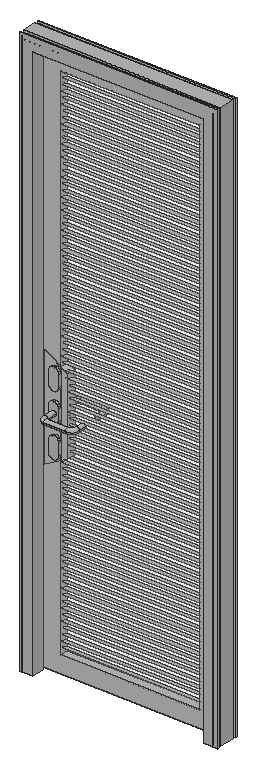
Revit family "Doors_Swing_Avanti_Systems_Acoustic-Dbl-Glazed", category Doors, Revit 2015 (continued)
Definition of nested family "Blinds"
  Dimensions and locks (in)
    equal spacing: group 1, group 2, group 3, group 4, group 5, group 6, group 7, group 8, group 9, group 10, group 11, group 12, group 13, group 14, group 15, group 16, group 17, group 18, group 19, group 20, group 21, group 22, group 23, group 24, group 25, group 26, group 27, group 28, group 29, group 30, group 31, group 32, group 33, group 34, group 35, group 36, group 37, group 38, group 39, group 40, group 41, group 42, group 43, group 44, group 45, group 46, group 47, group 48, group 49, group 50, group 51, group 52, group 53, group 54, group 55, group 56, group 57, group 58, group 59, group 60, group 61, group 62, group 63, group 64, group 65, group 66, group 67, group 68, group 69, group 70, group 71, group 72, group 73, group 74, group 75, group 76, group 77, group 78, group 79, group 80, group 81, group 82, group 83, group 84, group 85, group 86, group 87, group 88  (x2)
    equal spacing: group 88, group 87, group 86, group 85, group 84, group 83, group 82, group 81, group 80, group 79, group 78, group 77, group 76, group 75, group 74, group 73, group 72, group 71, group 70, group 69, group 68, group 67, group 66, group 65, group 64, group 63, group 62, group 61, group 60, group 59, group 58, group 57, group 56, group 55, group 54, group 53, group 52, group 51, group 50, group 49, group 48, group 47, group 46, group 45, group 44, group 43, group 42, group 41, group 40, group 39, group 38, group 37, group 36, group 35, group 34, group 33, group 32, group 31, group 30, group 29, group 28, group 27, group 26, group 25, group 24, group 23, group 22, group 21, group 20, group 19, group 18, group 17, group 16, group 15, group 14, group 13, group 12, group 11, group 10, group 9, group 8, group 7, group 6, group 5, group 4, group 3, group 2, group 1
    "Width": Sweep 3 sketch curve to Sweep 3 sketch curve
    "Width": Sweep 4 sketch curve to Sweep 4 sketch curve
    "Width": Sweep 5 sketch curve to Sweep 5 sketch curve
    "Width": Sweep 6 sketch curve to Sweep 6 sketch curve
    "Width": Sweep 7 sketch curve to Sweep 7 sketch curve
    "Width": Sweep 8 sketch curve to Sweep 8 sketch curve
    "Width": Sweep 9 sketch curve to Sweep 9 sketch curve
    "Width": Sweep 10 sketch curve to Sweep 10 sketch curve
    "Width": Sweep 11 sketch curve to Sweep 11 sketch curve
    "Width": Sweep 12 sketch curve to Sweep 12 sketch curve
    "Width": Sweep 13 sketch curve to Sweep 13 sketch curve
    "Width": Sweep 14 sketch curve to Sweep 14 sketch curve
    "Width": Sweep 15 sketch curve to Sweep 15 sketch curve
    "Width": Sweep 16 sketch curve to Sweep 16 sketch curve
    "Width": Sweep 17 sketch curve to Sweep 17 sketch curve
    "Width": Sweep 18 sketch curve to Sweep 18 sketch curve
    "Width": Sweep 19 sketch curve to Sweep 19 sketch curve
    "Width": Sweep 20 sketch curve to Sweep 20 sketch curve
    "Width": Sweep 21 sketch curve to Sweep 21 sketch curve
    "Width": Sweep 22 sketch curve to Sweep 22 sketch curve
    "Width": Sweep 23 sketch curve to Sweep 23 sketch curve
    "Width": Sweep 24 sketch curve to Sweep 24 sketch curve
    "Width": Sweep 25 sketch curve to Sweep 25 sketch curve
    "Width": Sweep 26 sketch curve to Sweep 26 sketch curve
    "Width": Sweep 27 sketch curve to Sweep 27 sketch curve
    "Width": Sweep 28 sketch curve to Sweep 28 sketch curve
    "Width": Sweep 29 sketch curve to Sweep 29 sketch curve
    "Width": Sweep 30 sketch curve to Sweep 30 sketch curve
    "Width": Sweep 31 sketch curve to Sweep 31 sketch curve
    "Width": Sweep 32 sketch curve to Sweep 32 sketch curve
    "Width": Sweep 33 sketch curve to Sweep 33 sketch curve
    "Width": Sweep 34 sketch curve to Sweep 34 sketch curve
    "Width": Sweep 35 sketch curve to Sweep 35 sketch curve
    "Width": Sweep 36 sketch curve to Sweep 36 sketch curve
    "Width": Sweep 37 sketch curve to Sweep 37 sketch curve
    "Width": Sweep 38 sketch curve to Sweep 38 sketch curve
    "Width": Sweep 39 sketch curve to Sweep 39 sketch curve
    "Width": Sweep 40 sketch curve to Sweep 40 sketch curve
    "Width": Sweep 41 sketch curve to Sweep 41 sketch curve
    "Width": Sweep 42 sketch curve to Sweep 42 sketch curve
    "Width": Sweep 43 sketch curve to Sweep 43 sketch curve
    "Width": Sweep 44 sketch curve to Sweep 44 sketch curve
    "Width": Sweep 45 sketch curve to Sweep 45 sketch curve
    "Width": Sweep 46 sketch curve to Sweep 46 sketch curve
    "Width": Sweep 47 sketch curve to Sweep 47 sketch curve
    "Width": Sweep 48 sketch curve to Sweep 48 sketch curve
    "Width": Sweep 49 sketch curve to Sweep 49 sketch curve
    "Width": Sweep 50 sketch curve to Sweep 50 sketch curve
    "Width": Sweep 51 sketch curve to Sweep 51 sketch curve
    "Width": Sweep 52 sketch curve to Sweep 52 sketch curve
    "Width": Sweep 53 sketch curve to Sweep 53 sketch curve
    "Width": Sweep 54 sketch curve to Sweep 54 sketch curve
    "Width": Sweep 55 sketch curve to Sweep 55 sketch curve
    "Width": Sweep 56 sketch curve to Sweep 56 sketch curve
    "Width": Sweep 57 sketch curve to Sweep 57 sketch curve
    "Width": Sweep 58 sketch curve to Sweep 58 sketch curve
    "Width": Sweep 59 sketch curve to Sweep 59 sketch curve
    "Width": Sweep 60 sketch curve to Sweep 60 sketch curve
    "Width": Sweep 61 sketch curve to Sweep 61 sketch curve
    "Width": Sweep 62 sketch curve to Sweep 62 sketch curve
    "Width": Sweep 63 sketch curve to Sweep 63 sketch curve
    "Width": Sweep 64 sketch curve to Sweep 64 sketch curve
    "Width": Sweep 65 sketch curve to Sweep 65 sketch curve
    "Width": Sweep 66 sketch curve to Sweep 66 sketch curve
    "Width": Sweep 67 sketch curve to Sweep 67 sketch curve
    "Width": Sweep 68 sketch curve to Sweep 68 sketch curve
    "Width": Sweep 69 sketch curve to Sweep 69 sketch curve
    "Width": Sweep 70 sketch curve to Sweep 70 sketch curve
    "Width": Sweep 71 sketch curve to Sweep 71 sketch curve
    "Width": Sweep 72 sketch curve to Sweep 72 sketch curve
    "Width": Sweep 73 sketch curve to Sweep 73 sketch curve
    "Width": Sweep 74 sketch curve to Sweep 74 sketch curve
    "Width": Sweep 75 sketch curve to Sweep 75 sketch curve
    "Width": Sweep 76 sketch curve to Sweep 76 sketch curve
    "Width": Sweep 77 sketch curve to Sweep 77 sketch curve
    "Width": Sweep 78 sketch curve to Sweep 78 sketch curve
    "Width": Sweep 79 sketch curve to Sweep 79 sketch curve
    "Width": Sweep 80 sketch curve to Sweep 80 sketch curve
    "Width": Sweep 81 sketch curve to Sweep 81 sketch curve
    "Width": Sweep 82 sketch curve to Sweep 82 sketch curve
    "Width": Sweep 83 sketch curve to Sweep 83 sketch curve
    "Width": Sweep 84 sketch curve to Sweep 84 sketch curve
    "Width": Sweep 85 sketch curve to Sweep 85 sketch curve
    "Width": Sweep 86 sketch curve to Sweep 86 sketch curve
    "Width": Sweep 87 sketch curve to Sweep 87 sketch curve
    "Width": Sweep 88 sketch curve to Sweep 88 sketch curve
    "Height": plane 4 to plane 5
    equal spacing: plane 4, plane 1 "Center (Front/Back)", plane 5
    aligned and locked: level to plane 2
    aligned and locked: Sweep 1 to plane 4
    aligned and locked: plane 5 to Sweep 88
Definition of nested family "Hinge"
  Parameters (values of type "Family4")
    Material = none
    Default Elevation = 4' - 0"
  Reference planes (in)
    plane 1 "Center (Front/Back)": y = 0
    plane 2: z = 0
    plane 3 "Center (Left/Right)": x = 0
  Forms (in)
    Extrusion 1, solid, material <- "Material"
      sketch origin (0, 0, 0) x (1, 0, 0) y (0, 0, 1)
        loop
          circle (0, 0.25) r 0.25
      from 0 to 4.5
  Lines and regions (in)
    reference lines
      curve 1: line (-0.25, 0, 0) -> (-0.25, -4.5, 0)
      curve 2: line (-0.25, -2.25, 0) -> (0.25, -2.25, 0)
      curve 3: line (0.25, -4.5, 0) -> (0.25, 0, 0)
  Dimensions and locks (in)
    aligned and locked: level to plane 2
Definition of nested family "Handle"
  Parameters (values of type "Lever Handle")
    Width = 2' - 4.58379"
    Type = 1
    Thickness = 0' - 1 3/4"
    Ladder = if(Type = 3, 1 = 1, 1 = 0)  # no
    Panic hardware = if(Type = 4, 1 = 1, 1 = 0)  # no
    Material = none
    Locker [instance] = yes
    Height = 7' - 7.651"
    Glass door = if(Type = 2, 1 = 1, 1 = 0)  # no
    Framed door = if(Type = 1, 1 = 1, 1 = 0)  # yes
    Default Elevation = 4' - 0"
  Reference planes (in)
    plane 1 "Center (Front/Back)": y = 0
    plane 2: z = 0
    plane 3 "Center (Left/Right)": x = 0
    plane 4 "door_up": z = -1.375
    plane 5 "door_down": z = -3.125
    plane 6: z = -4.5
    plane 7: x = -1.25
    plane 8: x = -17.61529
    plane 9: x = -20.33379
    plane 10: x = -17.61529
    plane 11: y = 53.026
    plane 12: y = 0.625
    plane 13: y = 11.125
    plane 14: y = 53.651
    plane 15: y = -38
    plane 16: x = -24.45879
    plane 17 "door": x = 4.125
    plane 18: x = 1.625
    plane 19: y = -20
    plane 20: z = -1.5625
    plane 21: z = -2.9375
  Forms (in)
    Sweep 1, solid, material <- "Material", visible <- "Panic hardware"
      path origin (0, 0, 0) x (1, 0, 0) y (0, 1, 0)
        loop
          line (-1.25, 53.026) -> (-1.25, 4.25)
          arc (-1.25, 4.25) -> (-2.12868, 2.12868) -> (-4.25, 1.25) r 3
          line (-4.25, 1.25) -> (-17.61529, 1.25)
      profile origin (-1.25, 28.638, 0) x (1, 0, 0) y (0, 0, 1)
        loop
          circle (0.625, 0.625) r 0.625
    Sweep 2, solid, material <- "Material", visible <- "Panic hardware"
      path origin (0, 0, 0) x (1, 0, 0) y (0, 0, 1)
        loop
          line (-17.61529, 0) -> (-18.36529, 0)
          arc (-18.36529, 0) -> (-18.87334, -0.21044) -> (-19.08379, -0.7185) r 0.7185
          line (-19.08379, -0.7185) -> (-19.08379, -1.375)
      profile origin (-17.99029, 0, 0) x (0, 0, -1) y (0, -1, 0)
        loop
          circle (-0.625, -0.625) r 0.625
    Sweep 3, solid, material <- "Material", visible <- "Panic hardware"
      path origin (0, 0, -6.75) x (1, 0, 0) y (0, 0, -1)
        loop
          line (-17.61529, -2.25) -> (-18.36529, -2.25)
          arc (-18.36529, -2.25) -> (-18.87334, -2.46044) -> (-19.08379, -2.9685) r 0.7185
          line (-19.08379, -2.9685) -> (-19.08379, -3.625)
      profile origin (-17.99029, 0, -4.5) x (0, 0, -1) y (0, -1, 0)
        loop
          circle (0.625, -0.625) r 0.625
    Sweep 4, solid, material <- "Material", visible <- "Panic hardware"
      path origin (-30, 0, -6.75) x (-1, 0, 0) y (0, 0, -1)
        loop
          line (-12.38471, -2.25) -> (-28.0315, -2.25)
          arc (-28.0315, -2.25) -> (-28.53956, -2.46044) -> (-28.75, -2.9685) r 0.7185
          line (-28.75, -2.9685) -> (-28.75, -3.625)
      profile origin (-9.79189, 0, -4.5) x (0, 0, 1) y (0, -1, 0)
        loop
          circle (-0.625, -0.625) r 0.625
    Extrusion 5, solid, material <- "Material", visible <- "Framed door", not visible
      sketch origin (0, 0, 0) x (1, 0, 0) y (0, 1, 0)
        loop
          line (1.92578, 8.41673) -> (-1.87348, 6.31076) -> (-1.87348, 0.00893) -> (-1.87348, -6.31076) -> (1.92578, -8.41673) -> (1.92578, 0.00435) -> (1.92578, 8.41673)
      from -1.375 to -1.20804
    Extrusion 6, solid, material <- "Material", visible <- "Framed door"
      sketch origin (0, 0, -4.5) x (0, -1, 0) y (1, 0, 0)
        loop
          line (-8.41673, 1.92578) -> (-6.31076, -1.87348) -> (-0.00893, -1.87348) -> (6.31076, -1.87348) -> (8.41673, 1.92578) -> (-0.00435, 1.92578) -> (-8.41673, 1.92578)
      from 1.5625 to 2.9375
    Extrusion 7, solid, material <- "Material", visible <- "Framed door", not visible
      sketch origin (0, 0, -4.5) x (0, -1, 0) y (1, 0, 0)
        loop
          line (-8.41673, 1.92578) -> (-6.31076, -1.87348) -> (-0.00893, -1.87348) -> (6.31076, -1.87348) -> (8.41673, 1.92578) -> (-0.00435, 1.92578) -> (-8.41673, 1.92578)
      from 1.5625 to 2.9375
  Cuts and joins
    joined: Sweep 1, Sweep 2
    joined: Sweep 3, Sweep 4
  Dimensions and locks (in)
    "Thickness": plane 5 "door_down" to plane 4 "door_up"
    locked: plane 3 "Center (Left/Right)" to plane 7 at 1.25
    locked: plane 9 to plane 8 at 2.7185
    locked: plane 9 to Sweep 3 sketch curve at 1.25
    locked: Sweep 2 sketch curve to plane 9 at 1.25
    locked: plane 10 to plane 9 at 2.7185
    locked: Sweep 1 sketch curve to plane 1 "Center (Front/Back)" at 1.25
    locked: plane 3 "Center (Left/Right)" to nested 1 at 0.125
    locked: plane 4 "door_up" to plane 2 at 1.375
    locked: plane 6 to plane 5 "door_down" at 1.375
    locked: plane 12 to plane 1 "Center (Front/Back)" at 0.625
    locked: plane 13 to plane 12 at 10.5
    locked: plane 14 to plane 11 at 0.625
    "Height": plane 14 to plane 15
    locked: plane 1 "Center (Front/Back)" to plane 15 at 38
    locked: plane 3 "Center (Left/Right)" to plane 17 "door" at 4.125
    "Width": plane 16 to plane 17 "door"
    locked: plane 16 to plane 10 at 6.8435
    locked: plane 18 to plane 17 "door" at 2.5
    Extrusion 6 to Extrusion 6 = 0' - 1 3/8"
    locked: plane 4 "door_up" to plane 20 at 0.1875
    locked: plane 21 to plane 5 "door_down" at 0.1875
    aligned and locked: level to plane 2
    aligned and locked: cut or joined group of Sweep 1, Sweep 2 to plane 4 "door_up"
    aligned and locked: plane 4 "door_up" to Sweep 2 sketch curve
    aligned and locked: plane 5 "door_down" to Sweep 3 sketch curve
    aligned and locked: plane 6 to Sweep 3 sketch curve
    aligned and locked: plane 7 to Sweep 4 sketch curve
    aligned and locked: Sweep 4 sketch curve to plane 6
    aligned and locked: plane 8 to Sweep 4 sketch curve
    aligned and locked: plane 8 to Sweep 3 sketch curve
    aligned and locked: plane 10 to Sweep 2 sketch curve
    aligned and locked: plane 10 to Sweep 1 sketch curve
    aligned and locked: plane 11 to Sweep 1 sketch curve
    aligned and locked: plane 5 "door_down" to Sweep 4 sketch curve
    aligned and locked: nested 1 to plane 4 "door_up"
    aligned and locked: plane 13 to nested 1
    aligned and locked: nested 2 to plane 11
    aligned and locked: plane 1 "Center (Front/Back)" to nested 3
    aligned and locked: nested 4 to plane 1 "Center (Front/Back)"
    aligned and locked: nested 4 to plane 3 "Center (Left/Right)"
    aligned and locked: plane 3 "Center (Left/Right)" to nested 3
    aligned and locked: plane 20 to Extrusion 6
    aligned and locked: Extrusion 6 to plane 21
  Nested families (in)
    nested 1: "Family2" at (-1.125, 11.125, 0.22234), visible <- "Panic hardware", type "Family2"
    nested 2: "Family3" at (-0.26102, 53.026, -1.63602), visible <- "Panic hardware", type "Family3"
      with Thickness 0' - 1 3/4"
    nested 3: "Handle Timber" at (0, 0, -3.125), Locker <- "Locker", visible <- "Framed door", type "Handle Timber"
      with Locker yes
    nested 4: "Handle Timber" at (0, 0, -1.375) x (1, 0, 0) z (0, 0, -1), Locker <- "Locker", visible <- "Framed door", type "Handle Timber"
      with Locker yes
    nested 5: "Handle Timber" at (0, 0, -1.375) x (1, 0, 0) z (0, 0.0003, -1), Locker <- "Locker", visible <- "Framed door", type "Handle Timber", not visible
      with Locker yes
    nested 6: "Handle Timber" at (0, 0, -1.375) x (1, 0, 0) z (0, 0, -1), Locker <- "Locker", visible <- "Framed door", type "Handle Timber", not visible
      with Locker yes
    nested 7: "Handle Timber" at (0, 0, -3.125), Locker <- "Locker", visible <- "Framed door", type "Handle Timber", not visible
      with Locker yes
  Definition of nested family "Family2"
    Parameters (values of type "Family2")
      Thickness = 0' - 0 1/2"
      Material = none
      Lock = yes
    Reference planes (in)
      plane 1 "Center (Front/Back)": y = 0
      plane 2: z = 0
      plane 3 "Center (Left/Right)": x = 0
      plane 4: z = -2.09734
      plane 5: z = -1.59734
    Forms (in)
      Extrusion 1, solid, material <- "Material"
        sketch origin (0, 0, 0) x (0, 1, 0) y (0, 0, 1)
          loop
            line (5.04078, -0.345) -> (5.04078, 0) -> (-2.39922, 0) -> (-2.39922, -0.345) -> (5.04078, -0.345)
        from 0 to 1
      Extrusion 2, solid, material <- "Material"
        sketch origin (0, 0, 0) x (0, 1, 0) y (0, 0, 1)
          loop
            line (-0.3074, -0.345) -> (-1.4374, -0.345) -> (-1.4374, -1.31734) -> (-0.3074, -1.31734) -> (-0.3074, -0.345)
        from 0.32565 to 0.66353
      Extrusion 3, solid, material <- "Material"
        sketch origin (0, 0, 0) x (0, 1, 0) y (0, 0, 1)
          loop
            line (-1.4374, -1.31734) -> (-1.4374, -1.59734) -> (1.43807, -1.59734) -> (1.43807, -1.31734) -> (-1.4374, -1.31734)
        from 0 to 1
      Extrusion 4, solid, material <- "Material"
        sketch origin (0, 0, 0) x (0, 1, 0) y (0, 0, 1)
          loop
            arc (-3.2641, -0.65221) -> (-3.242, -0.64306) -> (-3.23285, -0.62096) r 0.03125
            line (-3.23285, -0.62096) -> (-3.23285, 0) -> (-3.4516, 0) -> (-3.4516, -0.62096)
            arc (-3.4516, -0.62096) -> (-3.44244, -0.64306) -> (-3.42035, -0.65221) r 0.03125
            line (-3.42035, -0.65221) -> (-3.2641, -0.65221)
        from 0.32565 to 0.66353
      Extrusion 5, solid, material <- "Material", visible <- "Lock", not visible
        sketch origin (1, 0, 0) x (0, 1, 0) y (0, 0, 1)
          loop
            circle (0.20853, -3.12734) r 0.58
          loop
            circle (0.20853, -3.12734) r 0.5625
          loop
            circle (-0.07272, -3.12734) r 0.22671
        from 0 to 0.25
      Extrusion 6, solid, material <- "Material", visible <- "Lock", not visible
        sketch origin (1, 0, 0) x (0, 1, 0) y (0, 0, 1)
          loop
            circle (0.20853, -3.12734) r 0.5625
        from 0 to 0.20472
    Lines and regions (in)
      model lines, not visible
        curve 1: line (0, -0.35397, -3.12734) -> (0, 0.39603, -3.12734)
    Dimensions and locks (in)
      "Thickness": plane 4 to plane 5
      locked: plane 5 to plane 2 at 1.59734
      aligned and locked: level to plane 2
      aligned and locked: plane 5 to Extrusion 3 sketch curve
      aligned and locked: Extrusion 3 sketch curve to Extrusion 2
  Definition of nested family "Family3"
    Parameters (values of type "Family3")
      Thickness = 0' - 0 1/2"
      Material = none
    Reference planes (in)
      plane 1 "Center (Front/Back)": y = 0
      plane 2: z = 0
      plane 3 "Center (Left/Right)": x = 0
      plane 4: z = 0.26102
      plane 5: z = -0.23898
    Forms (in)
      Revolve 1, solid, material <- "Material"
        sketch origin (-0.36398, 0.615, 0.26102) x (0, 0, -1) y (0, 1, 0)
          loop
            line (-0.28125, -0.615) -> (-1.5092, -0.615) -> (-1.5092, -0.995) -> (-0.28125, -0.995) -> (-0.28125, -0.615)
          axis (-1.5092, -0.995) -> (-0.28125, -0.995)
        angle from 0 to 360
    Dimensions and locks (in)
      "Thickness": plane 4 to plane 5
      aligned and locked: level to plane 2
  Definition of nested family "Handle Timber"
    Parameters (values of type "Handle Timber")
      Locker [instance] = yes
      Handle material = none
      Default Elevation = 4' - 0"
    Reference planes (in)
      plane 1 "Center (Front/Back)": y = 0
      plane 2: z = 0
      plane 3 "Center (Left/Right)": x = 0
    Forms (in)
      Extrusion 1, solid, material <- "Handle material"
        sketch origin (0, 0.00944, 0.00975) x (-1, 0, 0) y (0, -1, 0.00026)
          loop
            line (0.82036, -6.01526) -> (0.82036, -4.11121)
            arc (0.82036, -4.11121) -> (0, -3.29085) -> (-0.82036, -4.11121) r 0.82036
            line (-0.82036, -4.11121) -> (-0.82036, -6.01526)
            arc (-0.82036, -6.01526) -> (0, -6.83563) -> (0.82036, -6.01526) r 0.82036
          loop
            line (0.82036, -0.95129) -> (0.82036, 0.95276)
            arc (0.82036, 0.95276) -> (0, 1.77313) -> (-0.82036, 0.95276) r 0.82036
            line (-0.82036, 0.95276) -> (-0.82036, -0.95129)
            arc (-0.82036, -0.95129) -> (0, -1.77165) -> (0.82036, -0.95129) r 0.82036
        from -0.36 to -0.00798
      Sweep 2, solid, material <- "Handle material"
        path origin (0, 0.00944, 0.00975) x (-1, 0, 0) y (0, 0.00026, 1)
          loop
            line (0.00372, -0.36) -> (0.00372, -2.13165)
            arc (0.00372, -2.13165) -> (0.19244, -2.58727) -> (0.64805, -2.77599) r 0.64433
            line (0.64805, -2.77599) -> (4.19136, -2.77599)
            arc (4.19136, -2.77599) -> (4.78191, -2.53137) -> (5.02652, -1.94082) r 0.83517
            line (5.02652, -1.94082) -> (5.02652, -0.63757)
        profile origin (-0.00372, 0.00911, -1.23607) x (-1, 0, 0) y (0, 1, -0.00026)
          loop
            circle (0, 0) r 0.3937
      Extrusion 3, solid, material <- "Handle material", visible <- "Locker"
        sketch origin (0, 0.00944, 0.00975) x (-1, 0, 0) y (0, -1, 0.00026)
          loop
            line (0.82009, 4.11958) -> (0.82408, 6.02363)
            arc (0.82408, 6.02363) -> (0.00543, 6.84571) -> (-0.81665, 6.02706) r 0.82036
            line (-0.81665, 6.02706) -> (-0.82063, 4.12301)
            arc (-0.82063, 4.12301) -> (-0.00199, 3.30093) -> (0.82009, 4.11958) r 0.82036
        from -0.36 to -0.01061
    Lines and regions (in)
      reference lines
        curve 1: line (0, 6.84506, 0) -> (0, -6.83627, 0)
        curve 2: line (-5.42022, 0.00893, 0) -> (0.82036, 0.00893, 0)
    Dimensions and locks (in)
      aligned and locked: level to plane 2
Definition of nested family "Door Frame"
  Reference planes (in)
    plane 1 "Center (Front/Back)": y = 0
    plane 2: z = 0
    plane 3 "Center (Left/Right)": x = 0
  Lines and regions (in)
    model lines, in view "Ref. Level"
      curve 1: arc (-1.01203, 1.32996, 0) -> (-0.98705, 1.35416, 0) -> (-0.96263, 1.3294, 0) r 0.0247
      curve 2: arc (-1.18846, 1.27919, 0) -> (-1.16836, 1.29671, 0) -> (-1.14299, 1.28848, 0) r 0.02706
      curve 3: arc (-0.96263, -0.65973, 0) -> (-0.98705, -0.68449, 0) -> (-1.01203, -0.66029, 0) r 0.0247
      curve 4: arc (-1.144, -0.61721, 0) -> (-1.16937, -0.62544, 0) -> (-1.18947, -0.60792, 0) r 0.02706
      curve 5: arc (-0.42858, 2.14208, 0) -> (-0.41466, 2.13631, 0) -> (-0.40889, 2.12239, 0) r 0.01969
      curve 6: arc (-0.43102, -0.777, 0) -> (-0.4171, -0.78276, 0) -> (-0.41133, -0.79668, 0) r 0.01969
      curve 7: arc (0.4368, 2.31214, 0) -> (0.45072, 2.30638, 0) -> (0.45649, 2.29246, 0) r 0.01969
      curve 8: arc (-1.21399, -1.62487, 0) -> (-1.22791, -1.6191, 0) -> (-1.23368, -1.60518, 0) r 0.01969
      curve 9: arc (0.97015, -1.61502, 0) -> (0.96727, -1.62198, 0) -> (0.96031, -1.62487, 0) r 0.00984
      curve 10: arc (-0.3229, -1.56581, 0) -> (-0.32987, -1.56293, 0) -> (-0.33275, -1.55596, 0) r 0.00984
      curve 11: arc (0.23004, -1.55597, 0) -> (0.22716, -1.56293, 0) -> (0.2202, -1.56581, 0) r 0.00984
      curve 12: arc (0.32847, -1.56581, 0) -> (0.31455, -1.56004, 0) -> (0.30878, -1.54613, 0) r 0.01969
      curve 13: arc (0.90716, -1.54613, 0) -> (0.90139, -1.56004, 0) -> (0.88748, -1.56581, 0) r 0.01969
      curve 14: arc (-0.41133, -1.43995, 0) -> (-0.4171, -1.45387, 0) -> (-0.43102, -1.45964, 0) r 0.01969
      curve 15: arc (-0.40889, 1.47014, 0) -> (-0.41466, 1.45622, 0) -> (-0.42858, 1.45045, 0) r 0.01969
      curve 16: arc (-0.91238, 1.45045, 0) -> (-0.92437, 1.45452, 0) -> (-0.9314, 1.46504, 0) r 0.01969
      curve 17: arc (-0.42933, 1.38746, 0) -> (-0.41541, 1.38169, 0) -> (-0.40964, 1.36777, 0) r 0.01969
      curve 18: arc (-0.93028, -0.79159, 0) -> (-0.92325, -0.78106, 0) -> (-0.91126, -0.777, 0) r 0.01969
      curve 19: arc (0.35806, 2.06619, 0) -> (0.3523, 2.05227, 0) -> (0.33838, 2.04651, 0) r 0.01969
      curve 20: arc (0.35806, 1.16442, 0) -> (0.3523, 1.1505, 0) -> (0.33838, 1.14473, 0) r 0.01969
      curve 21: arc (0.24979, 1.37032, 0) -> (0.23587, 1.37608, 0) -> (0.23011, 1.39, 0) r 0.01969
      curve 22: arc (0.33838, 1.37032, 0) -> (0.3523, 1.36455, 0) -> (0.35806, 1.35063, 0) r 0.01969
      curve 23: arc (0.65519, 0.43309, 0) -> (0.66096, 0.44701, 0) -> (0.67488, 0.45278, 0) r 0.01969
      curve 24: arc (0.7359, 0.45278, 0) -> (0.74843, 0.44759, 0) -> (0.75362, 0.43506, 0) r 0.01772
      curve 25: arc (0.75362, 0.43112, 0) -> (0.74843, 0.4186, 0) -> (0.7359, 0.41341, 0) r 0.01772
      curve 26: arc (0.47617, 0.35238, 0) -> (0.46225, 0.35815, 0) -> (0.45649, 0.37207, 0) r 0.01969
      curve 27: arc (0.65519, 0.37207, 0) -> (0.64943, 0.35815, 0) -> (0.63551, 0.35238, 0) r 0.01969
      curve 28: arc (0.88944, 0.41341, 0) -> (0.87692, 0.4186, 0) -> (0.87173, 0.43112, 0) r 0.01772
      curve 29: arc (0.87173, 0.43506, 0) -> (0.87692, 0.44759, 0) -> (0.88944, 0.45278, 0) r 0.01772
      curve 30: arc (0.95047, 0.45278, 0) -> (0.96439, 0.44701, 0) -> (0.97015, 0.43309, 0) r 0.01969
      curve 31: arc (0.88748, 0.28939, 0) -> (0.90139, 0.28363, 0) -> (0.90716, 0.26971, 0) r 0.01969
      curve 32: arc (0.37775, 1.51492, 0) -> (0.35806, 1.49524, 0) -> (0.33838, 1.51492, 0) r 0.01969
      curve 33: arc (0.33838, 1.94799, 0) -> (0.35806, 1.96768, 0) -> (0.37775, 1.94799, 0) r 0.01969
      curve 34: arc (0.37775, 0.61103, 0) -> (0.35806, 0.59134, 0) -> (0.33838, 0.61103, 0) r 0.01969
      curve 35: arc (0.33838, 1.0441, 0) -> (0.35806, 1.06379, 0) -> (0.37775, 1.0441, 0) r 0.01969
      curve 36: arc (0.23011, 2.02682, 0) -> (0.23587, 2.04074, 0) -> (0.24979, 2.04651, 0) r 0.01969
      curve 37: arc (0.35806, 2.06619, 0) -> (0.3523, 2.05227, 0) -> (0.33838, 2.04651, 0) r 0.01969
      curve 38: arc (-1.2143, 1.33416, 0) -> (-1.22822, 1.33992, 0) -> (-1.23398, 1.35384, 0) r 0.01969
      curve 39: arc (-1.01805, 1.33416, 0) -> (-0.99098, 1.36129, 0) -> (-0.96392, 1.33416, 0) r 0.02706
      curve 40: arc (-0.85767, 1.38167, 0) -> (-0.85128, 1.38596, 0) -> (-0.84373, 1.38746, 0) r 0.01969
      curve 41: arc (-1.23177, -0.6806, 0) -> (-1.226, -0.66668, 0) -> (-1.21208, -0.66091, 0) r 0.01969
      curve 42: arc (-0.96392, -0.66091, 0) -> (-0.99098, -0.68804, 0) -> (-1.01805, -0.66091, 0) r 0.02706
      curve 43: arc (-0.84394, -0.714, 0) -> (-0.85149, -0.7125, 0) -> (-0.85788, -0.70822, 0) r 0.01969
      curve 44: arc (0.30878, 0.26971, 0) -> (0.31455, 0.28363, 0) -> (0.32847, 0.28939, 0) r 0.01969
      curve 45: arc (-1.05302, 2.13905, 0) -> (-1.04384, 2.15096, 0) -> (-1.02893, 2.1529, 0) r 0.01969
      curve 46: arc (-1.03962, 2.11304, 0) -> (-1.05159, 2.12224, 0) -> (-1.05352, 2.13721, 0) r 0.01969
      curve 47: arc (-0.94962, 2.1093, 0) -> (-0.95879, 2.09735, 0) -> (-0.97373, 2.09538, 0) r 0.01969
      curve 48: arc (-1.18098, 2.19365, 0) -> (-1.16902, 2.18447, 0) -> (-1.16706, 2.16954, 0) r 0.01969
      curve 49: arc (-1.20189, 2.19925, 0) -> (-1.20667, 2.20292, 0) -> (-1.20746, 2.20889, 0) r 0.00787
      curve 50: arc (-1.16755, 2.16769, 0) -> (-1.17672, 2.15574, 0) -> (-1.19166, 2.15378, 0) r 0.01969
      curve 51: arc (-0.99215, 2.20623, 0) -> (-0.98737, 2.20256, 0) -> (-0.98658, 2.19658, 0) r 0.00787
      curve 52: arc (-1.19574, 2.25263, 0) -> (-1.19207, 2.25741, 0) -> (-1.1861, 2.2582, 0) r 0.00787
      curve 53: arc (-0.9983, 2.15285, 0) -> (-1.00197, 2.14807, 0) -> (-1.00795, 2.14728, 0) r 0.00787
      curve 54: arc (-1.03074, 1.49329, 0) -> (-1.04565, 1.49524, 0) -> (-1.05483, 1.50714, 0) r 0.01969
      curve 55: arc (-1.00976, 1.49891, 0) -> (-1.00379, 1.49812, 0) -> (-1.00012, 1.49334, 0) r 0.00787
      curve 56: arc (-1.05533, 1.50898, 0) -> (-1.0534, 1.52396, 0) -> (-1.04143, 1.53316, 0) r 0.01969
      curve 57: arc (-0.97481, 1.55101, 0) -> (-0.95987, 1.54904, 0) -> (-0.9507, 1.53709, 0) r 0.01969
      curve 58: arc (-1.16887, 1.47666, 0) -> (-1.17084, 1.46172, 0) -> (-1.18279, 1.45255, 0) r 0.01969
      curve 59: arc (-1.19347, 1.49242, 0) -> (-1.17854, 1.49045, 0) -> (-1.16937, 1.4785, 0) r 0.01969
      curve 60: arc (-1.23398, 1.46646, 0) -> (-1.22992, 1.47844, 0) -> (-1.21939, 1.48547, 0) r 0.01969
      curve 61: arc (-1.20927, 1.4373, 0) -> (-1.20849, 1.44327, 0) -> (-1.20371, 1.44694, 0) r 0.00787
      curve 62: arc (-1.18791, 1.388, 0) -> (-1.19389, 1.38879, 0) -> (-1.19756, 1.39357, 0) r 0.00787
      curve 63: arc (-0.9884, 1.44961, 0) -> (-0.98919, 1.44363, 0) -> (-0.99397, 1.43997, 0) r 0.00787
      curve 64: arc (-0.97481, 1.55101, 0) -> (-0.95987, 1.54904, 0) -> (-0.9507, 1.53709, 0) r 0.01969
      curve 65: arc (-1.23368, -1.49287, 0) -> (-1.22961, -1.48089, 0) -> (-1.21909, -1.47386, 0) r 0.01969
      curve 66: arc (-1.05377, -0.8339, 0) -> (-1.04459, -0.822, 0) -> (-1.02968, -0.82005, 0) r 0.01969
      curve 67: arc (-0.99906, -0.8201, 0) -> (-1.00272, -0.82488, 0) -> (-1.0087, -0.82567, 0) r 0.00787
      curve 68: arc (-1.1683, -0.80526, 0) -> (-1.17748, -0.81721, 0) -> (-1.19241, -0.81918, 0) r 0.01969
      curve 69: arc (-1.02968, -1.46584, 0) -> (-1.04459, -1.46389, 0) -> (-1.05377, -1.45198, 0) r 0.01969
      curve 70: arc (-1.0087, -1.46022, 0) -> (-1.00272, -1.461, 0) -> (-0.99906, -1.46578, 0) r 0.00787
      curve 71: arc (-1.05427, -1.45014, 0) -> (-1.05234, -1.43517, 0) -> (-1.04037, -1.42597, 0) r 0.01969
      curve 72: arc (-1.16781, -1.48247, 0) -> (-1.16978, -1.49741, 0) -> (-1.18173, -1.50658, 0) r 0.01969
      curve 73: arc (-1.19241, -1.46671, 0) -> (-1.17748, -1.46868, 0) -> (-1.1683, -1.48063, 0) r 0.01969
      curve 74: arc (-1.20821, -1.52183, 0) -> (-1.20743, -1.51585, 0) -> (-1.20265, -1.51218, 0) r 0.00787
      curve 75: arc (-0.98734, -1.50952, 0) -> (-0.98812, -1.51549, 0) -> (-0.99291, -1.51916, 0) r 0.00787
      curve 76: arc (-1.04037, -0.85992, 0) -> (-1.05234, -0.85072, 0) -> (-1.05427, -0.83574, 0) r 0.01969
      curve 77: arc (-0.94964, -0.86385, 0) -> (-0.95881, -0.8758, 0) -> (-0.97375, -0.87777, 0) r 0.01969
      curve 78: arc (-1.18173, -0.77931, 0) -> (-1.16978, -0.78848, 0) -> (-1.16781, -0.80341, 0) r 0.01969
      curve 79: arc (-1.20265, -0.7737, 0) -> (-1.20743, -0.77003, 0) -> (-1.20821, -0.76406, 0) r 0.00787
      curve 80: arc (-1.21718, -0.81254, 0) -> (-1.2277, -0.80551, 0) -> (-1.23177, -0.79353, 0) r 0.01969
      curve 81: arc (-1.19649, -0.72032, 0) -> (-1.19283, -0.71554, 0) -> (-1.18685, -0.71476, 0) r 0.00787
      curve 82: arc (-0.99291, -0.76672, 0) -> (-0.98812, -0.77039, 0) -> (-0.98734, -0.77637, 0) r 0.00787
      curve 83: arc (-0.94964, -0.86385, 0) -> (-0.95881, -0.8758, 0) -> (-0.97375, -0.87777, 0) r 0.01969
      curve 84: arc (-0.97448, -1.40831, 0) -> (-0.9622, -1.409, 0) -> (-0.95272, -1.41685, 0) r 0.01969
      curve 85: arc (-1.18685, -1.57113, 0) -> (-1.19283, -1.57034, 0) -> (-1.19649, -1.56556, 0) r 0.00787
      curve 86: arc (-0.33048, 2.24325, 0) -> (-0.3276, 2.25021, 0) -> (-0.32064, 2.25309, 0) r 0.00984
      curve 87: arc (-0.4296, 1.15584, 0) -> (-0.41568, 1.15008, 0) -> (-0.40992, 1.13616, 0) r 0.01969
      curve 88: arc (-0.41076, -0.45625, 0) -> (-0.41653, -0.47016, 0) -> (-0.43044, -0.47592, 0) r 0.01969
      curve 89: arc (-0.41131, -0.69432, 0) -> (-0.41707, -0.70824, 0) -> (-0.43099, -0.714, 0) r 0.01969
      curve 90: arc (-0.55562, 1.2104, 0) -> (-0.54985, 1.22432, 0) -> (-0.53593, 1.23009, 0) r 0.01969
      curve 91: arc (-0.53593, -0.55466, 0) -> (-0.54985, -0.54889, 0) -> (-0.55562, -0.53497, 0) r 0.01969
      curve 92: arc (-0.48869, -0.47592, 0) -> (-0.50261, -0.47015, 0) -> (-0.50837, -0.45623, 0) r 0.01969
      curve 93: arc (-0.50837, 1.13616, 0) -> (-0.50261, 1.15008, 0) -> (-0.48869, 1.15584, 0) r 0.01969
      curve 94: arc (-0.40964, 1.24977, 0) -> (-0.41541, 1.23585, 0) -> (-0.42933, 1.23009, 0) r 0.01969
      curve 95: arc (-0.43099, -0.55466, 0) -> (-0.41707, -0.56043, 0) -> (-0.41131, -0.57434, 0) r 0.01969
      curve 96: arc (0.23004, 1.12505, 0) -> (0.23581, 1.13897, 0) -> (0.24973, 1.14473, 0) r 0.01969
      curve 97: arc (0.09876, 1.81365, 0) -> (0.23096, 1.77823, 0) -> (0.09883, 1.74254, 0) r 0.07087
      curve 98: arc (0.04765, 1.84323, 0) -> (0.12163, 1.90225, 0) -> (0.21603, 1.89542, 0) r 0.12992
      curve 99: arc (0.23011, 1.9043, 0) -> (0.22552, 1.89598, 0) -> (0.21603, 1.89542, 0) r 0.00984
      curve 100: arc (0.21603, 1.66089, 0) -> (0.12176, 1.65402, 0) -> (0.04778, 1.71286, 0) r 0.12992
      curve 101: arc (0.21603, 1.66089, 0) -> (0.22552, 1.66033, 0) -> (0.23011, 1.65201, 0) r 0.00984
      curve 102: arc (0.10004, -1.05831, 0) -> (0.23224, -1.09374, 0) -> (0.10011, -1.12942, 0) r 0.07087
      curve 103: arc (0.11793, -1.21625, 0) -> (0.07842, -1.1938, 0) -> (0.04905, -1.1591, 0) r 0.12992
      curve 104: arc (0.04893, -1.02873, 0) -> (0.12225, -0.96991, 0) -> (0.21606, -0.97595, 0) r 0.12992
      curve 105: arc (0.23004, -0.96702, 0) -> (0.22549, -0.97532, 0) -> (0.21606, -0.97595, 0) r 0.00984
      curve 106: arc (0.21606, -1.21166, 0) -> (0.12237, -1.21774, 0) -> (0.04905, -1.1591, 0) r 0.12992
      curve 107: arc (0.21606, -1.21166, 0) -> (0.22549, -1.21229, 0) -> (0.23004, -1.22059, 0) r 0.00984
      curve 108: line (-1.18846, 1.27919, 0) -> (-1.18846, 0.34175, 0)
      curve 109: line (-1.18846, 0.34175, 0) -> (-1.18846, -0.61039, 0)
      curve 110: line (-1.14299, 1.28848, 0) -> (-0.96307, 1.3218, 0)
      curve 111: line (-0.96307, 1.3218, 0) -> (-0.96263, 1.3294, 0)
      curve 112: line (-0.96263, 1.3294, 0) -> (-0.90504, 1.33416, 0)
      curve 113: line (-0.90504, 1.33416, 0) -> (-0.85767, 1.38167, 0)
      curve 114: line (-1.2143, 1.33416, 0) -> (-1.01203, 1.32996, 0)
      curve 115: line (-1.01203, 1.32996, 0) -> (-1.18846, 1.3177, 0)
      curve 116: line (-1.18846, 1.3177, 0) -> (-1.18846, 1.33043, 0)
      curve 117: line (-1.18846, 1.33043, 0) -> (-1.22784, 1.33043, 0)
      curve 118: line (-1.22784, 1.33043, 0) -> (-1.22784, 0.34175, 0)
      curve 119: line (-1.22784, 0.34175, 0) -> (-1.22784, -0.66077, 0)
      curve 120: line (-1.22784, -0.66077, 0) -> (-1.18846, -0.66077, 0)
      curve 121: line (-1.18846, -0.66077, 0) -> (-1.18846, -0.64803, 0)
      curve 122: line (-1.18846, -0.64803, 0) -> (-1.01203, -0.66029, 0)
      curve 123: line (-1.01203, -0.66029, 0) -> (-1.21215, -0.66091, 0)
      curve 124: line (-1.21208, -0.66091, 0) -> (-1.01805, -0.66091, 0)
      curve 125: line (-1.14299, -0.61881, 0) -> (-0.96307, -0.65213, 0)
      curve 126: line (-0.96307, -0.65213, 0) -> (-0.96263, -0.65973, 0)
      curve 127: line (-0.96263, -0.65973, 0) -> (-0.90504, -0.66091, 0)
      curve 128: line (-0.90504, -0.66091, 0) -> (-0.85788, -0.70822, 0)
      curve 129: line (-0.40889, 2.12239, 0) -> (-0.40889, 1.47014, 0)
      curve 130: line (-0.41133, -1.43995, 0) -> (-0.41133, -0.79668, 0)
      curve 131: line (-1.2143, 2.31214, 0) -> (0.4368, 2.31214, 0)
      curve 132: line (-0.94962, 2.1093, 0) -> (-0.94084, 2.14208, 0)
      curve 133: line (-0.94084, 2.14208, 0) -> (-0.79988, 2.14208, 0)
      curve 134: line (-0.79988, 2.14208, 0) -> (-0.79988, 2.18617, 0)
      curve 135: line (-0.79988, 2.18617, 0) -> (-0.92011, 2.18617, 0)
      curve 136: line (-0.92011, 2.18617, 0) -> (-0.92011, 2.25309, 0)
      curve 137: line (-0.92011, 2.25309, 0) -> (-0.41814, 2.25309, 0)
      curve 138: line (-0.41814, 2.25309, 0) -> (-0.41814, 2.18617, 0)
      curve 139: line (-0.32064, 2.25309, 0) -> (0.35806, 2.25309, 0)
      curve 140: line (0.35806, 2.25309, 0) -> (0.35806, 2.06619, 0)
      curve 141: line (-1.21399, -1.62487, 0) -> (0.96031, -1.62487, 0)
      curve 142: line (-0.95272, -1.41685, 0) -> (-0.94129, -1.45951, 0)
      curve 143: line (-0.94129, -1.45951, 0) -> (-0.80104, -1.45951, 0)
      curve 144: line (-0.80104, -1.45951, 0) -> (-0.80104, -1.49888, 0)
      curve 145: line (-0.80104, -1.49888, 0) -> (-0.92197, -1.49888, 0)
      curve 146: line (-0.92197, -1.49888, 0) -> (-0.92197, -1.56581, 0)
      curve 147: line (-0.92197, -1.56581, 0) -> (-0.42, -1.56581, 0)
      curve 148: line (-0.42, -1.56581, 0) -> (-0.42, -1.49901, 0)
      curve 149: line (-0.42, -1.49901, 0) -> (-0.54974, -1.49901, 0)
      curve 150: line (-0.54974, -1.49901, 0) -> (-0.54974, -1.45964, 0)
      curve 151: line (-0.3229, -1.56581, 0) -> (0.2202, -1.56581, 0)
      curve 152: line (0.32847, -1.56581, 0) -> (0.88748, -1.56581, 0)
      curve 153: line (-0.41814, 2.18617, 0) -> (-0.54408, 2.18617, 0)
      curve 154: line (-0.54408, 2.18617, 0) -> (-0.54408, 2.14208, 0)
      curve 155: line (-0.54408, 2.14208, 0) -> (-0.42858, 2.14208, 0)
      curve 156: line (-0.43102, -1.45964, 0) -> (-0.54974, -1.45964, 0)
      curve 157: line (-0.91238, 1.45045, 0) -> (-0.42858, 1.45045, 0)
      curve 158: line (-0.84373, 1.38746, 0) -> (-0.42933, 1.38746, 0)
      curve 159: line (-0.91126, -0.777, 0) -> (-0.43102, -0.777, 0)
      curve 160: line (-0.84394, -0.714, 0) -> (-0.43099, -0.714, 0)
      curve 161: line (0.35806, 1.35063, 0) -> (0.35806, 1.16442, 0)
      curve 162: line (0.23011, 2.02682, 0) -> (0.23011, 1.9043, 0)
      curve 163: line (0.37775, 0.61103, 0) -> (0.45649, 0.61103, 0)
      curve 164: line (0.45649, 0.61103, 0) -> (0.45649, 0.37207, 0)
      curve 165: line (0.65519, 0.37207, 0) -> (0.65519, 0.43309, 0)
      curve 166: line (0.67488, 0.45278, 0) -> (0.7359, 0.45278, 0)
      curve 167: line (0.47617, 0.35238, 0) -> (0.63551, 0.35238, 0)
      curve 168: line (0.7359, 0.41341, 0) -> (0.7044, 0.41341, 0)
      curve 169: line (0.7044, 0.41341, 0) -> (0.7044, 0.35238, 0)
      curve 170: line (0.7044, 0.35238, 0) -> (0.92094, 0.35238, 0)
      curve 171: line (0.92094, 0.35238, 0) -> (0.92094, 0.41341, 0)
      curve 172: line (0.92094, 0.41341, 0) -> (0.88944, 0.41341, 0)
      curve 173: line (0.88944, 0.45278, 0) -> (0.95047, 0.45278, 0)
      curve 174: line (0.97015, 0.43309, 0) -> (0.97015, -1.61502, 0)
      curve 175: line (0.90716, 0.26971, 0) -> (0.90716, -1.54613, 0)
      curve 176: line (0.33838, 1.37032, 0) -> (0.24979, 1.37032, 0)
      curve 177: line (0.88748, 0.28939, 0) -> (0.32847, 0.28939, 0)
      curve 178: line (0.33838, 1.51492, 0) -> (0.33838, 1.94799, 0)
      curve 179: line (0.33838, 1.94799, 0) -> (0.33838, 1.51492, 0)
      curve 180: line (0.45649, 1.0441, 0) -> (0.45649, 1.51492, 0)
      curve 181: line (0.45649, 1.51492, 0) -> (0.37775, 1.51492, 0)
      curve 182: line (0.37775, 1.94799, 0) -> (0.45649, 1.94799, 0)
      curve 183: line (0.45649, 1.94799, 0) -> (0.37775, 1.94799, 0)
      curve 184: line (0.33838, 0.61103, 0) -> (0.33838, 1.0441, 0)
      curve 185: line (0.33838, 1.0441, 0) -> (0.33838, 0.61103, 0)
      curve 186: line (0.37775, 1.0441, 0) -> (0.45649, 1.0441, 0)
      curve 187: line (0.45649, 1.0441, 0) -> (0.37775, 1.0441, 0)
      curve 188: line (0.33838, 2.04651, 0) -> (0.24979, 2.04651, 0)
      curve 189: line (0.45649, 1.94799, 0) -> (0.45649, 2.29246, 0)
      curve 190: line (0.30878, 0.26971, 0) -> (0.30878, -1.54613, 0)
      curve 191: line (0.23004, -1.22059, 0) -> (0.23004, -1.55597, 0)
      curve 192: line (-1.00795, 2.14728, 0) -> (-1.02893, 2.1529, 0)
      curve 193: line (-0.97373, 2.09538, 0) -> (-1.03962, 2.11304, 0)
      curve 194: line (-1.18098, 2.19365, 0) -> (-1.20189, 2.19925, 0)
      curve 195: line (-1.19166, 2.15378, 0) -> (-1.21939, 2.16121, 0)
      curve 196: line (-1.20746, 2.20889, 0) -> (-1.19574, 2.25263, 0)
      curve 197: line (-1.1861, 2.2582, 0) -> (-0.99215, 2.20623, 0)
      curve 198: line (-0.98658, 2.19658, 0) -> (-0.9983, 2.15285, 0)
      curve 199: line (-1.00976, 1.49891, 0) -> (-1.03074, 1.49329, 0)
      curve 200: line (-0.97481, 1.55101, 0) -> (-1.04143, 1.53316, 0)
      curve 201: line (-1.18279, 1.45255, 0) -> (-1.20371, 1.44694, 0)
      curve 202: line (-1.19347, 1.49242, 0) -> (-1.21939, 1.48547, 0)
      curve 203: line (-1.20927, 1.4373, 0) -> (-1.19756, 1.39357, 0)
      curve 204: line (-1.18791, 1.388, 0) -> (-0.99397, 1.43997, 0)
      curve 205: line (-0.9884, 1.44961, 0) -> (-1.00012, 1.49334, 0)
      curve 206: line (-0.9314, 1.46504, 0) -> (-0.9507, 1.53709, 0)
      curve 207: line (-1.23368, -1.49287, 0) -> (-1.23368, -1.60518, 0)
      curve 208: line (-1.0087, -0.82567, 0) -> (-1.02968, -0.82005, 0)
      curve 209: line (-1.19241, -0.81918, 0) -> (-1.21718, -0.81254, 0)
      curve 210: line (-1.0087, -1.46022, 0) -> (-1.02968, -1.46584, 0)
      curve 211: line (-0.97448, -1.40831, 0) -> (-1.04037, -1.42597, 0)
      curve 212: line (-1.18173, -1.50658, 0) -> (-1.20265, -1.51218, 0)
      curve 213: line (-1.19241, -1.46671, 0) -> (-1.21909, -1.47386, 0)
      curve 214: line (-1.20821, -1.52183, 0) -> (-1.19649, -1.56556, 0)
      curve 215: line (-0.98734, -1.50952, 0) -> (-0.99906, -1.46578, 0)
      curve 216: line (-0.97375, -0.87777, 0) -> (-1.04037, -0.85992, 0)
      curve 217: line (-1.18173, -0.77931, 0) -> (-1.20265, -0.7737, 0)
      curve 218: line (-1.20821, -0.76406, 0) -> (-1.19649, -0.72032, 0)
      curve 219: line (-1.18685, -0.71476, 0) -> (-0.99291, -0.76672, 0)
      curve 220: line (-0.98734, -0.77637, 0) -> (-0.99906, -0.8201, 0)
      curve 221: line (-0.93028, -0.79159, 0) -> (-0.94964, -0.86385, 0)
      curve 222: line (-1.23177, -0.6806, 0) -> (-1.23177, -0.79353, 0)
      curve 223: line (-0.99291, -1.51916, 0) -> (-1.18685, -1.57113, 0)
      curve 224: line (-0.33048, 2.24325, 0) -> (-0.33048, -1.55596, 0)
      curve 225: line (-0.40992, 1.13616, 0) -> (-0.40992, -0.45625, 0)
      curve 226: line (-0.55562, 1.2104, 0) -> (-0.55562, 1.01379, 0)
      curve 227: line (-0.55562, 1.01379, 0) -> (-0.50837, 1.01379, 0)
      curve 228: line (-0.50837, 1.01379, 0) -> (-0.50837, 1.13616, 0)
      curve 229: line (-0.55562, -0.53497, 0) -> (-0.55562, -0.35207, 0)
      curve 230: line (-0.55562, -0.35207, 0) -> (-0.55562, -0.39718, 0)
      curve 231: line (-0.43044, -0.47592, 0) -> (-0.48869, -0.47592, 0)
      curve 232: line (-0.43099, -0.55466, 0) -> (-0.53593, -0.55466, 0)
      curve 233: line (-0.4296, 1.15584, 0) -> (-0.48869, 1.15584, 0)
      curve 234: line (-0.55562, -0.35207, 0) -> (-0.50837, -0.35207, 0)
      curve 235: line (-0.50837, -0.35207, 0) -> (-0.50837, -0.45623, 0)
      curve 236: line (-0.53593, 1.23009, 0) -> (-0.42933, 1.23009, 0)
      curve 237: line (-0.40964, 1.36777, 0) -> (-0.40964, 1.24977, 0)
      curve 238: line (-0.41131, -0.69432, 0) -> (-0.41131, -0.57434, 0)
      curve 239: line (0.33838, 1.14473, 0) -> (0.24973, 1.14473, 0)
      curve 240: line (0.09876, 1.81365, 0) -> (0.04765, 1.84323, 0)
      curve 241: line (0.09883, 1.74254, 0) -> (0.04778, 1.71286, 0)
      curve 242: line (0.10004, -1.05831, 0) -> (0.04893, -1.02873, 0)
      curve 243: line (0.10011, -1.12942, 0) -> (0.04905, -1.1591, 0)
      curve 244: line (0.23004, 1.12505, 0) -> (0.23004, -0.96702, 0)
      curve 245: line (0.23011, 1.39, 0) -> (0.23011, 1.65201, 0)
      curve 246: line (-1.23398, 1.35384, 0) -> (-1.23398, 1.46646, 0)
      curve 247: line (-1.23398, 2.18022, 0) -> (-1.23398, 2.29246, 0)
      curve 248: arc (-1.21939, 2.16121, 0) -> (-1.22992, 2.16824, 0) -> (-1.23398, 2.18022, 0) r 0.01969
      curve 249: arc (-1.23398, 2.29246, 0) -> (-1.22822, 2.30638, 0) -> (-1.2143, 2.31214, 0) r 0.01969
      curve 250: line (0.84585, 0.28939, 0) -> (0.81145, -1.56581, 0)
      curve 251: line (0.82787, 0.28939, 0) -> (0.77545, -1.56581, 0)
      curve 252: line (0.74274, 0.28939, 0) -> (0.71968, -1.56581, 0)
      curve 253: line (0.69445, 0.28939, 0) -> (0.66976, -1.56581, 0)
      curve 254: line (0.60063, 0.28939, 0) -> (0.63342, -1.56581, 0)
      curve 255: line (0.58179, 0.28939, 0) -> (0.54739, -1.56581, 0)
      curve 256: line (0.56381, 0.28939, 0) -> (0.51138, -1.56581, 0)
      curve 257: line (0.47868, 0.28939, 0) -> (0.45561, -1.56581, 0)
      curve 258: line (0.43038, 0.28939, 0) -> (0.4057, -1.56581, 0)
      curve 259: line (0.33657, 0.28939, 0) -> (0.36935, -1.56581, 0)
      curve 260: arc (1.47298, 1.55685, 0) -> (1.49242, 1.43749, 0) -> (1.47171, 1.31834, 0) r 0.36431
      curve 261: line (1.07997, 1.33821, 0) -> (1.47749, 1.33821, 0)
      curve 262: line (1.07997, 1.31834, 0) -> (1.47171, 1.31834, 0)
      curve 263: line (1.07997, 1.53697, 0) -> (1.47749, 1.53697, 0)
      curve 264: line (1.07997, 1.55685, 0) -> (1.47298, 1.55685, 0)
      curve 265: line (1.07997, 1.58711, 0) -> (1.47749, 1.58711, 0)
      curve 266: line (1.47749, 1.58711, 0) -> (1.47749, 1.26909, 0)
      curve 267: line (1.47749, 1.26909, 0) -> (1.07997, 1.26909, 0)
      curve 268: arc (3.58829, 0.92081, 0) -> (3.565, 0.86459, 0) -> (3.50878, 0.84131, 0) r 0.0795
      curve 269: arc (3.50878, 2.03388, 0) -> (3.565, 2.01059, 0) -> (3.58829, 1.95437, 0) r 0.0795
      curve 270: arc (1.99386, 1.97425, 0) -> (2.03603, 1.95679, 0) -> (2.05349, 1.91462, 0) r 0.05963
      curve 271: arc (2.05349, 0.96057, 0) -> (2.03603, 0.9184, 0) -> (1.99386, 0.90094, 0) r 0.05963
      curve 272: arc (1.99386, 0.84131, 0) -> (2.07819, 0.87624, 0) -> (2.11312, 0.96057, 0) r 0.11926
      curve 273: arc (2.11312, 1.91462, 0) -> (2.07819, 1.99895, 0) -> (1.99386, 2.03388, 0) r 0.11926
      curve 274: line (3.58829, 1.95437, 0) -> (3.58829, 0.92081, 0)
      curve 275: line (1.07997, 1.70992, 0) -> (2.05349, 1.70992, 0)
      curve 276: line (1.07997, 1.15338, 0) -> (2.05349, 1.15338, 0)
      curve 277: line (1.02034, 1.31834, 0) -> (0.81343, 1.31834, 0)
      curve 278: line (0.81343, 1.31834, 0) -> (0.81343, 1.43759, 0)
      curve 279: line (0.67626, 1.55685, 0) -> (0.64884, 1.55685, 0)
      curve 280: line (0.64884, 1.55685, 0) -> (0.52958, 1.67611, 0)
      curve 281: line (0.52958, 1.67611, 0) -> (0.52958, 1.19908, 0)
      curve 282: line (0.52958, 1.19908, 0) -> (0.64884, 1.31834, 0)
      curve 283: line (0.64884, 1.31834, 0) -> (0.67626, 1.31834, 0)
      curve 284: line (0.64884, 1.33821, 0) -> (0.67626, 1.33821, 0)
      curve 285: line (0.81343, 1.33821, 0) -> (1.02034, 1.33821, 0)
      curve 286: line (0.64884, 1.53697, 0) -> (0.67626, 1.53697, 0)
      curve 287: line (0.81343, 1.53697, 0) -> (1.02034, 1.53697, 0)
      curve 288: line (0.81343, 1.55685, 0) -> (1.02034, 1.55685, 0)
      curve 289: line (0.64884, 1.31834, 0) -> (0.64884, 1.55685, 0)
      curve 290: line (3.50878, 2.03388, 0) -> (1.99386, 2.03388, 0)
      curve 291: line (1.99386, 2.03388, 0) -> (0.64114, 2.03388, 0)
      curve 292: line (0.64114, 2.03388, 0) -> (0.64114, 1.97425, 0)
      curve 293: line (0.64114, 1.97425, 0) -> (1.99386, 1.97425, 0)
      curve 294: line (2.05349, 1.91462, 0) -> (2.05349, 0.96057, 0)
      curve 295: line (1.99386, 0.90094, 0) -> (0.64114, 0.90094, 0)
      curve 296: line (0.64114, 0.90094, 0) -> (0.64114, 0.84131, 0)
      curve 297: line (0.64114, 0.84131, 0) -> (1.99386, 0.84131, 0)
      curve 298: line (1.99386, 0.84131, 0) -> (3.50878, 0.84131, 0)
      curve 299: line (2.11312, 0.96057, 0) -> (2.11312, 1.91462, 0)
      curve 300: arc (0.96071, 1.97425, 0) -> (1.04504, 1.93932, 0) -> (1.07997, 1.85499, 0) r 0.11926
      curve 301: arc (1.07997, 1.02019, 0) -> (1.04504, 0.93587, 0) -> (0.96071, 0.90094, 0) r 0.11926
      curve 302: arc (0.96071, 0.96057, 0) -> (1.00287, 0.97803, 0) -> (1.02034, 1.02019, 0) r 0.05963
      curve 303: arc (1.02034, 1.85499, 0) -> (1.00287, 1.89716, 0) -> (0.96071, 1.91462, 0) r 0.05963
      curve 304: arc (0.82908, 1.75561, 0) -> (0.82413, 1.75693, 0) -> (0.82049, 1.76055, 0) r 0.00994
      curve 305: arc (0.72916, 1.90482, 0) -> (0.73407, 1.90352, 0) -> (0.7377, 1.89995, 0) r 0.00994
      curve 306: arc (0.73767, 0.9753, 0) -> (0.73403, 0.97169, 0) -> (0.72908, 0.97037, 0) r 0.00994
      curve 307: arc (0.82049, 1.11464, 0) -> (0.82413, 1.11825, 0) -> (0.82908, 1.11957, 0) r 0.00994
      curve 308: arc (0.82337, 1.23883, 0) -> (0.81634, 1.24174, 0) -> (0.81343, 1.24877, 0) r 0.00994
      curve 309: arc (0.81343, 1.62642, 0) -> (0.81634, 1.63344, 0) -> (0.82337, 1.63636, 0) r 0.00994
      curve 310: line (1.07997, 1.85499, 0) -> (1.07997, 1.02019, 0)
      curve 311: line (0.96071, 0.90094, 0) -> (0.64114, 0.90094, 0)
      curve 312: line (0.64114, 0.90094, 0) -> (0.64114, 0.96057, 0)
      curve 313: line (0.64114, 0.96057, 0) -> (0.96071, 0.96057, 0)
      curve 314: line (1.02034, 1.02019, 0) -> (1.02034, 1.85499, 0)
      curve 315: line (0.96071, 1.91462, 0) -> (0.64114, 1.91462, 0)
      curve 316: line (0.64114, 1.91462, 0) -> (0.64114, 1.97425, 0)
      curve 317: line (0.64114, 1.97425, 0) -> (0.96071, 1.97425, 0)
      curve 318: line (0.82337, 1.63636, 0) -> (1.02034, 1.63636, 0)
      curve 319: line (1.02034, 1.63636, 0) -> (1.02034, 1.75561, 0)
      curve 320: line (1.02034, 1.75561, 0) -> (0.82908, 1.75561, 0)
      curve 321: line (0.82049, 1.76055, 0) -> (0.7377, 1.89995, 0)
      curve 322: line (0.72916, 1.90482, 0) -> (0.64114, 1.90482, 0)
      curve 323: line (0.64114, 1.90482, 0) -> (0.64114, 2.31214, 0)
      curve 324: line (0.64114, 2.31214, 0) -> (0.52187, 2.31214, 0)
      curve 325: line (0.52187, 2.31214, 0) -> (0.61649, 2.31214, 0)
      curve 326: line (0.61649, 2.31214, 0) -> (0.52187, 2.31214, 0)
      curve 327: line (0.52187, 2.31214, 0) -> (0.52187, 1.68204, 0)
      curve 328: line (0.52187, 1.68204, 0) -> (0.67626, 1.55685, 0)
      curve 329: line (0.67626, 1.55685, 0) -> (0.67626, 1.31834, 0)
      curve 330: line (0.67626, 1.31834, 0) -> (0.52187, 1.19315, 0)
      curve 331: line (0.52187, 1.19315, 0) -> (0.52187, 0.56304, 0)
      curve 332: line (0.52187, 0.56304, 0) -> (0.64114, 0.56304, 0)
      curve 333: line (0.64114, 0.56304, 0) -> (0.64114, 0.97037, 0)
      curve 334: line (0.64114, 0.97037, 0) -> (0.72908, 0.97037, 0)
      curve 335: line (0.73767, 0.9753, 0) -> (0.82049, 1.11464, 0)
      curve 336: line (0.82908, 1.11957, 0) -> (1.02034, 1.11957, 0)
      curve 337: line (1.02034, 1.11957, 0) -> (1.02034, 1.23883, 0)
      curve 338: line (1.02034, 1.23883, 0) -> (0.82337, 1.23883, 0)
      curve 339: line (0.81343, 1.24877, 0) -> (0.81343, 1.62642, 0)
      curve 340: line (0.52187, 2.31214, 0) -> (0.64114, 2.31214, 0)
      curve 341: arc (0.34167, 1.0444, 0) -> (0.35927, 1.05991, 0) -> (0.37243, 1.04049, 0) r 0.01563
      curve 342: arc (0.37243, 0.61842, 0) -> (0.35927, 0.599, 0) -> (0.34167, 0.61451, 0) r 0.01563
      curve 343: line (0.455, 1.04049, 0) -> (0.37243, 1.04049, 0)
      curve 344: line (0.43546, 1.02095, 0) -> (0.37684, 1.02095, 0)
      curve 345: line (0.37684, 1.02095, 0) -> (0.34167, 1.0444, 0)
      curve 346: line (0.455, 1.04049, 0) -> (0.455, 0.849, 0)
      curve 347: line (0.455, 0.849, 0) -> (0.455, 0.61842, 0)
      curve 348: line (0.43546, 1.02095, 0) -> (0.43546, 0.849, 0)
      curve 349: line (0.43546, 0.849, 0) -> (0.43546, 0.63796, 0)
      curve 350: line (0.455, 0.61842, 0) -> (0.37243, 0.61842, 0)
      curve 351: line (0.43546, 0.63796, 0) -> (0.37684, 0.63796, 0)
      curve 352: line (0.37684, 0.63796, 0) -> (0.34167, 0.61451, 0)
      curve 353: arc (0.34167, 1.94829, 0) -> (0.35927, 1.9638, 0) -> (0.37244, 1.94439, 0) r 0.01563
      curve 354: arc (0.37244, 1.52231, 0) -> (0.35927, 1.5029, 0) -> (0.34167, 1.51841, 0) r 0.01563
      curve 355: line (0.455, 1.94439, 0) -> (0.37244, 1.94439, 0)
      curve 356: line (0.43546, 1.92485, 0) -> (0.37684, 1.92485, 0)
      curve 357: line (0.37684, 1.92485, 0) -> (0.34167, 1.94829, 0)
      curve 358: line (0.455, 1.94439, 0) -> (0.455, 1.75289, 0)
      curve 359: line (0.455, 1.75289, 0) -> (0.455, 1.52231, 0)
      curve 360: line (0.43546, 1.92485, 0) -> (0.43546, 1.75289, 0)
      curve 361: line (0.43546, 1.75289, 0) -> (0.43546, 1.54186, 0)
      curve 362: line (0.455, 1.52231, 0) -> (0.37244, 1.52231, 0)
      curve 363: line (0.43546, 1.54186, 0) -> (0.37684, 1.54186, 0)
      curve 364: line (0.37684, 1.54186, 0) -> (0.34167, 1.51841, 0)
